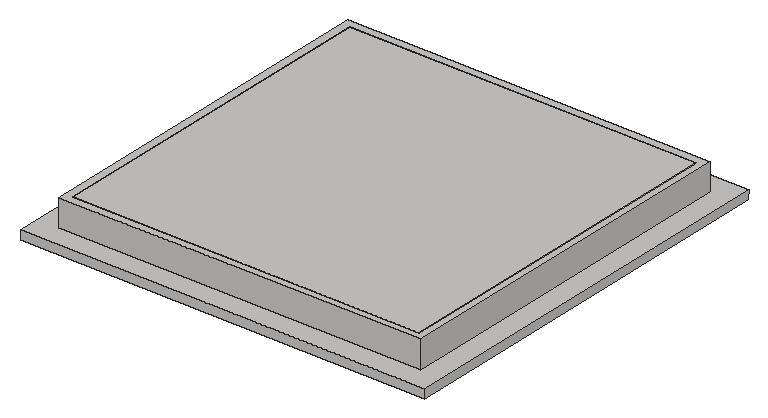
Revit family
Parameters (values of type "4910-(12x12)")
  Weight (lb) = 6.75
  Warranty = "1 year material and workmanship"  # constant formula
  URL = "http://www.jrsmith.com"
  Technical and Installation = "http://www.jrsmith.com/products/cleanout/tech_data_index.htm"
  SmartBIM Object Version = 3  # constant formula
  SmartBIM Object Created By = "Reed Construction Data"  # constant formula
  Product URL = "http://www.jrsmith.com/products/cleanout/submittal/d4910.pdf"
  OmniClass Title = "Facility Drainage Piping Cleanouts"  # constant formula
  OmniClass Code = "22-22 13 19 13"  # constant formula
  Model = "4910"  # constant formula
  Material Finish = Material Finish
  Material = Stainless Steel Satin Brushed Heavy
  Manufacturer = "Jay R. Smith Mfg. Co. "  # constant formula
  Floor Offset = 0"
  Description = "Plain aluminum frame and secured scoriated cover with lifting device"  # constant formula
  Default Elevation = 48"
  D = 14"
  Connection Type = ""
  C = 14"
  B = 12"
  Assembly Code = "D2030400"
  Opening = 12"
  95 CSI = "15155"  # constant formula
  04 CSI = "22 13 19"  # constant formula
Types (5): name | Weight (lb) | Default Elevation | D | C | B | Opening
  4910-(6x12) | 0 | 0" | 14" | 8" | 12" | 6"
  4910-(9x9) | 5.7 | 48" | 11" | 11" | 9" | 9"
  4910-(12x12) | 6.75 | 48" | 14" | 14" | 12" | 12"
  4910-(15x15) | 10.93 | 48" | 17" | 17" | 15" | 15"
  4910-(24x24) | 25.62 | 48" | 26" | 26" | 24" | 24"
Reference planes (in)
  plane 1 "Center (Front/Back)": y = 3.20248
  plane 2: z = 0
  plane 3 "Center (Left/Right)": x = 2
  plane 4: x = -5
  plane 5: x = 9
  plane 6: y = 10.20248
  plane 7: y = -3.79752
  plane 8: y = 9.20248
  plane 9: y = -2.79752
  plane 10: x = -4
  plane 11: x = 8
  plane 12 "Offset": z = 0.125
  plane 13: z = 0
Forms (in)
  Sweep 1, solid, material "Stainless Steel Satin Brushed Heavy" <- "Material", detail levels medium+fine
    path origin (0, 0, 0.125) x (-1, 0, 0) y (0, -1, 0)
      loop
        line (-9, -3.20248) -> (-9, -10.20248) -> (5, -10.20248) -> (5, 3.79752) -> (-9, 3.79752) -> (-9, -3.20248)
    profile origin (9, 6.70248, 0.125) x (-1, 0, 0) y (0, 0, 1)
      loop
        line (1.29847, -0.33152) -> (1, -0.33152) -> (1, 0) -> (0.74593, 0) -> (0.74593, -0.93932) -> (0, -0.93932) -> (0, -1.25) -> (1.90626, -1.25) -> (1.90626, -0.85644) -> (1.29847, -0.85644) -> (1.29847, -0.33152)
  Extrusion 2, solid, material "Material Finish" <- "Material Finish", detail levels medium+fine
    sketch origin (0, 0, 0.125) x (-1, 0, 0) y (0, -1, 0)
      loop
        line (4, 2.79752) -> (-8, 2.79752) -> (-8, -9.20248) -> (4, -9.20248) -> (4, 2.79752)
    from 0 to -0.33152
Dimensions and locks (in)
  Sweep 1 sketch curve to Sweep 1 sketch curve to Sweep 1 sketch curve to Sweep 1 sketch curve to Sweep 1 sketch curve = 0.60779" locked, 0.29847", 0.25407", 0.74593" locked
  "Opening": Extrusion 2 sketch curve to Extrusion 2 sketch curve
  Extrusion 2 sketch curve to Extrusion 2 sketch curve = 12"
  equal spacing: plane 4, plane 3 "Center (Left/Right)", plane 5
  "D": plane 4 to plane 5
  equal spacing: plane 6, plane 1 "Center (Front/Back)", plane 7
  "C": plane 6 to plane 7
  locked: plane 9 to plane 7 at 1
  locked: plane 6 to plane 8 at 1
  locked: plane 4 to plane 10 at 1
  locked: plane 11 to plane 5 at 1
  locked: Sweep 1 sketch curve to Sweep 1 sketch curve at 1.25
  locked: plane 12 "Offset" to plane 13 at 0.125
  "Floor Offset": plane 13 to plane 2
  aligned and locked: plane 6 to Sweep 1 sketch curve
  aligned and locked: plane 4 to Sweep 1 sketch curve
  aligned and locked: Sweep 1 sketch curve to plane 7
  aligned and locked: Sweep 1 sketch curve to plane 5
  aligned and locked: Extrusion 2 sketch curve to plane 8
  aligned and locked: Extrusion 2 sketch curve to plane 11
  aligned and locked: Extrusion 2 sketch curve to plane 10
  aligned and locked: Sweep 1 sketch curve to profile plane
  aligned and locked: Extrusion 2 to Sweep 1
  aligned and locked: Sweep 1 to Extrusion 2
Automatic sketch dimensions
  Sweep 1 sketch curve to profile plane = 0.93932"
  Sweep 1 sketch curve to profile plane = 0.85644"
  Sweep 1 sketch curve to Sweep 1 sketch curve = 0.33152"
  Sweep 1 sketch curve to profile plane = 1 1/4"
  Sweep 1 sketch curve to plane 1 "Center (Front/Back)" = 0"
